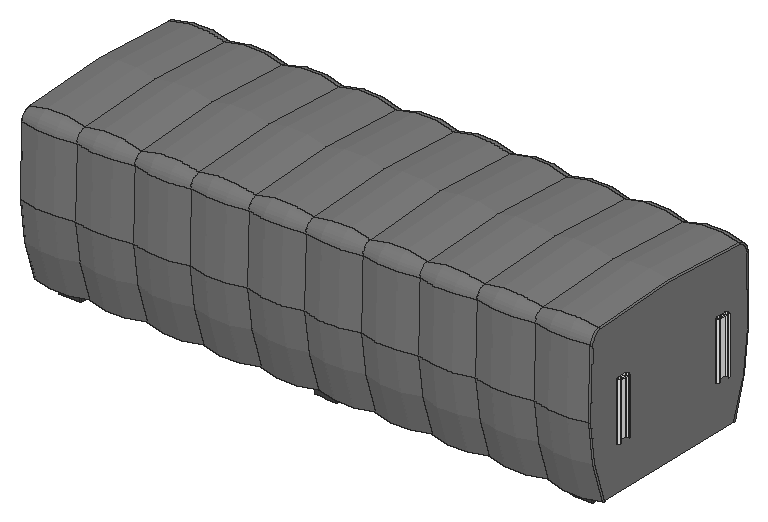
Revit family "Chair-Soft_Seating-Allermuir-Haven_Bench-HAB200M", category Furniture, Revit 2012
Parameters (values of type "HAB200M")
  ecoScorecard_data = "http://thesenatorgroup.ecoscorecard.com/product/HAB200M"
  ecoScorecard Product Page = "http://products.ecoscorecard.com/allermuir/HAB200M?action=html"
  Width = 0"
  Weight = 0.0 lbf
  Upholstered Seat = "No"
  Upholstered Back = "No"
  URL = "http://www.allermuir.net/Default.aspx"
  Subcategory = "Soft Seating"  # constant formula
  Stacks = no
  Specifications URL = ""
  Side Bracket = Metal - Allermuir - Chrome - Polished
  Seat or Top = Fabric - Allermuir - Silcoates
  Product Page URL = "http://www.allermuir.net/Products.aspx?RangeId=495"
  Product Line = "Haven Bench"  # constant formula
  Pricing URL = ""
  Plugin Data URL = "http://products.ecoscorecard.com/thesenatorgroup/HAB200M"
  Plastic Arms in Black = "No"
  Model = "HAB200M"  # constant formula
  Manufacturer Phone - Toll Free = "(888) 887 5806"  # constant formula
  Manufacturer Phone = "(419) 887 5806"  # constant formula
  Manufacturer Fax = "(419) 887 5805"  # constant formula
  Manufacturer Email = "mailto:contact@allermuir-na.com"
  Manufacturer Address = "1630 Holland Road, Maumee, Ohio 43537 "  # constant formula
  Manufacturer = "Allermuir"  # constant formula
  LEED Stats URL = ""
  Height = 0"
  Fabric Spec Sheets = "http://www.allermuir.net/Services/File.ashx?Type=B&Id=51"
  Description = ""
  Depth = 0"
  Color Availability = "See price list for material options"  # constant formula
  CAD Blocks URL = ""
  Brochure URL = ""
  Base = Plastic - Allermuir - Black
  Assembly Code = "E2020200"
  95 CSI = "12510"  # constant formula
  04 CSI = "12 51 00"  # constant formula
Reference planes
  plane 1 "Center Front/Back": y = 0
  plane 2: z = 0
  plane 3 "Center Left/Right": x = 0
  plane 4: z = 466.328
  plane 5: x = -760.699
  plane 6: x = 757.524
  plane 7: y = 278.492
  plane 8: y = -265.296
Dimensions and locks
  plane 4 to level = 18 23/64"  (x2)
  locked: plane 5 to plane 6 at 1518.222
  plane 7 to plane 8 = 21.40899"
  aligned and locked: plane 3 "Center Left/Right" to nested 1
  aligned and locked: plane 1 "Center Front/Back" to nested 1
  aligned and locked: plane 4 to nested 1
Nested families
  nested 1: "HAB200M" at (0, 0, 0), type "HAB200M"
Definition of nested family "HAB200M"
  Parameters (values of type "HAB200M")
    URL = "http://www.allermuir.net/Default.aspx"
    Stand = Plastic - Allermuir - Black
    Stacks = no
    Side Stand = Metal - Allermuir - Chrome - Polished
    Seat = Fabric - Allermuir - Silcoates
    Model = "HAB100"
    Manufacturer = "Allermuir"  # constant formula
    Description = ""
    Assembly Code = "E2020200"
  Reference planes
    plane 1 "Center Front/Back": y = 0
    plane 2: z = 0
    plane 3 "Center Left/Right": x = 0
    plane 4: y = 278.492
    plane 5: y = -265.296
    plane 6: z = 466.328
    plane 7: y = 174.511
    plane 8: y = -161.315
    plane 9: x = -747.478
    plane 10: x = -671.278
    plane 11: x = 747.478
    plane 12: x = 671.278
  Forms (mm)
    Sweep 1, solid, material "Fabric - Allermuir - Silcoates" <- "Seat"
      path origin (0, 0, -3.969) x (0, 1, 0) y (0, 0, 1)
        loop
          arc (230.619, 28.377) -> (262.694, 128.867) -> (276.965, 233.381) r 609.6
          arc (276.965, 233.381) -> (278.479, 325.472) -> (273.982, 417.465) r 1411.053
          arc (273.982, 417.465) -> (262.719, 442.368) -> (238.222, 454.489) r 40.603
          arc (238.222, 454.489) -> (7.264, 468.236) -> (-223.765, 455.728) r 2038.86
          arc (-223.765, 455.728) -> (-248.079, 443.981) -> (-259.64, 419.577) r 40.58
          arc (-259.64, 419.577) -> (-265.536, 328.435) -> (-264.387, 237.109) r 1183.48
          arc (-264.387, 237.109) -> (-249.725, 130.711) -> (-217.12, 28.377) r 627.008
      profile origin (0, 7.264, 464.267) x (0, -0.002682, -0.999996) y (1, 0, 0)
        loop
          arc (10.108, -745.462) -> (11.467, -747.415) -> (13.724, -748.165) r 3.77
          line (13.724, -748.165) -> (14.881, -748.165) -> (14.881, 751.457) -> (12.785, 751.457)
          arc (12.785, 751.457) -> (10.529, 750.699) -> (9.189, 748.733) r 3.735
          arc (9.189, 748.733) -> (-0.333, 674.997) -> (11.738, 601.636) r 255.942
          arc (11.738, 601.636) -> (-0.369, 525.083) -> (10.994, 448.417) r 255.942
          arc (10.994, 448.417) -> (-0.371, 373.433) -> (10.736, 298.411) r 255.942
          arc (10.736, 298.411) -> (-0.371, 223.387) -> (10.994, 148.403) r 255.942
          arc (10.994, 148.403) -> (-0.369, 74.256) -> (10.253, 0) r 255.942
          arc (10.253, 0) -> (-0.355, -75.93) -> (12.002, -151.596) r 255.942
          arc (12.002, -151.596) -> (-0.344, -226.43) -> (9.784, -301.596) r 255.942
          arc (9.784, -301.596) -> (-0.344, -376.765) -> (12.003, -451.601) r 255.942
          arc (12.003, -451.601) -> (-0.344, -526.433) -> (9.782, -601.598) r 255.942
          arc (9.782, -601.598) -> (-0.371, -673.554) -> (10.108, -745.462) r 255.942
    Extrusion 2, solid, material "Fabric - Allermuir - Silcoates" <- "Seat"
      sketch origin (0, 0, -3.969) x (0, 1, 0) y (0, 0, 1)
        loop
          line (-203.329, 33.969) -> (216.827, 33.969)
          arc (216.827, 33.969) -> (248.162, 132.073) -> (262.102, 234.112) r 594.719
          arc (262.102, 234.112) -> (263.6, 325.231) -> (259.15, 416.253) r 1396.171
          arc (259.15, 416.253) -> (252.015, 432.029) -> (236.497, 439.708) r 25.722
          arc (236.497, 439.708) -> (7.224, 453.355) -> (-222.118, 440.938) r 2023.978
          arc (-222.118, 440.938) -> (-237.517, 433.499) -> (-244.837, 418.044) r 25.699
          arc (-244.837, 418.044) -> (-250.66, 328.048) -> (-249.525, 237.871) r 1168.598
          arc (-249.525, 237.871) -> (-235.197, 133.933) -> (-203.329, 33.969) r 612.126
      from -748.165 to 751.457
    Extrusion 3, solid, material "Metal - Allermuir - Chrome - Polished" <- "Side Stand"
      sketch origin (6.251, 1.786, -3.969) x (1, 0, 0) y (0, 1, 0)
        loop
          arc (751.677, 189.731) -> (750.36, 189.981) -> (749.198, 189.313) r 1.93
          line (749.198, 189.313) -> (745.679, 185.09)
          arc (745.679, 185.09) -> (745.366, 184.543) -> (745.257, 183.923) r 1.823
          line (745.257, 183.923) -> (745.257, 157.23)
          arc (745.257, 157.23) -> (745.363, 156.622) -> (745.671, 156.086) r 1.786
          line (745.671, 156.086) -> (749.223, 151.823)
          arc (749.223, 151.823) -> (750.358, 151.171) -> (751.644, 151.415) r 1.885
          line (751.644, 151.415) -> (757.733, 155.082) -> (756.959, 156.367) -> (751.014, 152.787)
          arc (751.014, 152.787) -> (750.617, 152.712) -> (750.268, 152.913) r 0.581
          line (750.268, 152.913) -> (747.04, 156.786)
          arc (747.04, 156.786) -> (746.835, 157.143) -> (746.764, 157.548) r 1.191
          line (746.764, 157.548) -> (746.764, 183.605)
          arc (746.764, 183.605) -> (746.838, 184.023) -> (747.049, 184.391) r 1.228
          line (747.049, 184.391) -> (750.26, 188.244)
          arc (750.26, 188.244) -> (750.618, 188.45) -> (751.024, 188.373) r 0.595
          line (751.024, 188.373) -> (756.959, 184.799) -> (757.733, 186.084) -> (751.677, 189.731)
      from 156.239 to 306.239
    Extrusion 4, solid, material "Metal - Allermuir - Chrome - Polished" <- "Side Stand"
      sketch origin (6.251, 1.786, -3.969) x (1, 0, 0) y (0, 1, 0)
        loop
          line (746.764, 176.579) -> (746.764, 164.607) -> (755.757, 164.607) -> (755.757, 176.579) -> (746.764, 176.579)
      from 304.739 to 306.239
    Extrusion 5, solid, material "Metal - Allermuir - Chrome - Polished" <- "Side Stand"
      sketch origin (6.251, 16.867, -3.969) x (1, 0, 0) y (0, 1, 0)
        loop
          line (751.677, -189.731) -> (757.733, -186.084) -> (756.959, -184.799) -> (751.024, -188.373)
          arc (751.024, -188.373) -> (750.618, -188.45) -> (750.26, -188.244) r 0.595
          line (750.26, -188.244) -> (747.049, -184.391)
          arc (747.049, -184.391) -> (746.838, -184.023) -> (746.764, -183.605) r 1.228
          line (746.764, -183.605) -> (746.764, -157.548)
          arc (746.764, -157.548) -> (746.835, -157.143) -> (747.04, -156.786) r 1.191
          line (747.04, -156.786) -> (750.268, -152.913)
          arc (750.268, -152.913) -> (750.617, -152.712) -> (751.014, -152.787) r 0.581
          line (751.014, -152.787) -> (756.959, -156.367) -> (757.733, -155.082) -> (751.644, -151.415)
          arc (751.644, -151.415) -> (750.358, -151.171) -> (749.223, -151.823) r 1.885
          line (749.223, -151.823) -> (745.671, -156.086)
          arc (745.671, -156.086) -> (745.363, -156.622) -> (745.257, -157.23) r 1.786
          line (745.257, -157.23) -> (745.257, -183.923)
          arc (745.257, -183.923) -> (745.366, -184.543) -> (745.679, -185.09) r 1.823
          line (745.679, -185.09) -> (749.198, -189.313)
          arc (749.198, -189.313) -> (750.36, -189.981) -> (751.677, -189.731) r 1.93
      from 156.239 to 306.239
    Extrusion 6, solid, material "Metal - Allermuir - Chrome - Polished" <- "Side Stand"
      sketch origin (6.251, 16.867, -3.969) x (1, 0, 0) y (0, 1, 0)
        loop
          line (746.764, -176.579) -> (755.757, -176.579) -> (755.757, -164.607) -> (746.764, -164.607) -> (746.764, -176.579)
      from 304.739 to 306.239
    Extrusion 7, solid, material "Metal - Allermuir - Chrome - Polished" <- "Side Stand"
      sketch origin (-2.877, 1.885, -3.969) x (-1, 0, 0) y (0, -1, 0)
        loop
          line (751.677, -189.731) -> (757.733, -186.084) -> (756.959, -184.799) -> (751.024, -188.373)
          arc (751.024, -188.373) -> (750.618, -188.45) -> (750.26, -188.244) r 0.595
          line (750.26, -188.244) -> (747.049, -184.391)
          arc (747.049, -184.391) -> (746.838, -184.023) -> (746.764, -183.605) r 1.228
          line (746.764, -183.605) -> (746.764, -157.548)
          arc (746.764, -157.548) -> (746.835, -157.143) -> (747.04, -156.786) r 1.191
          line (747.04, -156.786) -> (750.268, -152.913)
          arc (750.268, -152.913) -> (750.617, -152.712) -> (751.014, -152.787) r 0.581
          line (751.014, -152.787) -> (756.959, -156.367) -> (757.733, -155.082) -> (751.644, -151.415)
          arc (751.644, -151.415) -> (750.358, -151.171) -> (749.223, -151.823) r 1.885
          line (749.223, -151.823) -> (745.671, -156.086)
          arc (745.671, -156.086) -> (745.363, -156.622) -> (745.257, -157.23) r 1.786
          line (745.257, -157.23) -> (745.257, -183.923)
          arc (745.257, -183.923) -> (745.366, -184.543) -> (745.679, -185.09) r 1.823
          line (745.679, -185.09) -> (749.198, -189.313)
          arc (749.198, -189.313) -> (750.36, -189.981) -> (751.677, -189.731) r 1.93
      from 156.239 to 306.239
    Extrusion 8, solid, material "Metal - Allermuir - Chrome - Polished" <- "Side Stand"
      sketch origin (-2.877, 1.885, -3.969) x (-1, 0, 0) y (0, -1, 0)
        loop
          line (746.764, -176.579) -> (755.757, -176.579) -> (755.757, -164.607) -> (746.764, -164.607) -> (746.764, -176.579)
      from 304.739 to 306.239
    Extrusion 9, solid, material "Metal - Allermuir - Chrome - Polished" <- "Side Stand"
      sketch origin (-2.877, 16.867, -3.969) x (-1, 0, 0) y (0, -1, 0)
        loop
          arc (751.677, 189.731) -> (750.36, 189.981) -> (749.198, 189.313) r 1.93
          line (749.198, 189.313) -> (745.679, 185.09)
          arc (745.679, 185.09) -> (745.366, 184.543) -> (745.257, 183.923) r 1.823
          line (745.257, 183.923) -> (745.257, 157.23)
          arc (745.257, 157.23) -> (745.363, 156.622) -> (745.671, 156.086) r 1.786
          line (745.671, 156.086) -> (749.223, 151.823)
          arc (749.223, 151.823) -> (750.358, 151.171) -> (751.644, 151.415) r 1.885
          line (751.644, 151.415) -> (757.733, 155.082) -> (756.959, 156.367) -> (751.014, 152.787)
          arc (751.014, 152.787) -> (750.617, 152.712) -> (750.268, 152.913) r 0.581
          line (750.268, 152.913) -> (747.04, 156.786)
          arc (747.04, 156.786) -> (746.835, 157.143) -> (746.764, 157.548) r 1.191
          line (746.764, 157.548) -> (746.764, 183.605)
          arc (746.764, 183.605) -> (746.838, 184.023) -> (747.049, 184.391) r 1.228
          line (747.049, 184.391) -> (750.26, 188.244)
          arc (750.26, 188.244) -> (750.618, 188.45) -> (751.024, 188.373) r 0.595
          line (751.024, 188.373) -> (756.959, 184.799) -> (757.733, 186.084) -> (751.677, 189.731)
      from 156.239 to 306.239
    Extrusion 10, solid, material "Metal - Allermuir - Chrome - Polished" <- "Side Stand"
      sketch origin (-2.877, 16.867, -3.969) x (-1, 0, 0) y (0, -1, 0)
        loop
          line (746.764, 176.579) -> (746.764, 164.607) -> (755.757, 164.607) -> (755.757, 176.579) -> (746.764, 176.579)
      from 304.739 to 306.239
  Cuts and joins
    joined: Sweep 1, Extrusion 2
  Lines and regions (mm)
    symbolic lines, style "Sofa"
      curve 1: line (-601.598, -256.155, 0) -> (-601.598, 268.855, 0)
      curve 2: line (-451.601, -253.933, 0) -> (-451.601, 266.633, 0)
      curve 3: line (-301.596, -256.153, 0) -> (-301.596, 268.853, 0)
      curve 4: line (-151.596, -253.935, 0) -> (-151.596, 266.635, 0)
      curve 5: line (0, 268.582, 0) -> (0, -255.882, 0)
      curve 6: line (148.403, -254.942, 0) -> (148.403, 267.642, 0)
      curve 7: line (298.411, -255.2, 0) -> (298.411, 267.9, 0)
      curve 8: line (448.417, -255.2, 0) -> (448.417, 267.9, 0)
      curve 9: line (601.636, -254.198, 0) -> (601.636, 266.898, 0)
      curve 10: line (751.465, 266.236, 0) -> (751.465, -253.536, 0)
      curve 11: line (-748.165, 265.493, 0) -> (-748.165, -252.793, 0)
      curve 12: arc (-746.086, -255.592, 0) -> (-673.883, -266.402, 0) -> (-601.598, -256.155, 0) r 253.114
      curve 13: arc (-601.598, -256.155, 0) -> (-526.438, -265.979, 0) -> (-451.601, -253.933, 0) r 262.681
      curve 14: arc (-451.601, -253.933, 0) -> (-376.764, -266.251, 0) -> (-301.596, -256.153, 0) r 256.58
      curve 15: arc (-301.596, -256.153, 0) -> (-226.427, -266.473, 0) -> (-151.596, -253.935, 0) r 251.827
      curve 16: arc (-151.596, -253.935, 0) -> (-75.944, -266.293, 0) -> (0, -255.882, 0) r 258.031
      curve 17: arc (0, -255.882, 0) -> (74.271, -266.484, 0) -> (148.403, -254.942, 0) r 254.18
      curve 18: arc (148.403, -254.942, 0) -> (223.388, -266.073, 0) -> (298.411, -255.2, 0) r 261.175
      curve 19: arc (298.411, -255.2, 0) -> (373.414, -266.209, 0) -> (448.417, -255.2, 0) r 261.008
      curve 20: arc (448.417, -255.2, 0) -> (525.102, -266.227, 0) -> (601.636, -254.198, 0) r 260.339
      curve 21: arc (601.636, -254.198, 0) -> (675.235, -266.377, 0) -> (749.186, -256.562, 0) r 252.996
      curve 22: arc (751.465, -253.536, 0) -> (750.831, -255.43, 0) -> (749.186, -256.562, 0) r 3.149
      curve 23: arc (-748.165, -252.793, 0) -> (-747.588, -254.536, 0) -> (-746.086, -255.592, 0) r 2.924
      curve 24: arc (-746.086, 268.292, 0) -> (-673.883, 279.102, 0) -> (-601.598, 268.855, 0) r 253.114
      curve 25: arc (-601.598, 268.855, 0) -> (-526.438, 278.679, 0) -> (-451.601, 266.633, 0) r 262.681
      curve 26: arc (-451.601, 266.633, 0) -> (-376.764, 278.951, 0) -> (-301.596, 268.853, 0) r 256.58
      curve 27: arc (-301.596, 268.853, 0) -> (-226.427, 279.173, 0) -> (-151.596, 266.635, 0) r 251.827
      curve 28: arc (-151.596, 266.635, 0) -> (-75.944, 278.993, 0) -> (0, 268.582, 0) r 258.031
      curve 29: arc (0, 268.582, 0) -> (74.271, 279.184, 0) -> (148.403, 267.642, 0) r 254.18
      curve 30: arc (148.403, 267.642, 0) -> (223.388, 278.773, 0) -> (298.411, 267.9, 0) r 261.175
      curve 31: arc (298.411, 267.9, 0) -> (373.414, 278.909, 0) -> (448.417, 267.9, 0) r 261.008
      curve 32: arc (448.417, 267.9, 0) -> (525.102, 278.927, 0) -> (601.636, 266.898, 0) r 260.339
      curve 33: arc (601.636, 266.898, 0) -> (675.235, 279.077, 0) -> (749.186, 269.262, 0) r 252.996
      curve 34: arc (751.465, 266.236, 0) -> (750.831, 268.13, 0) -> (749.186, 269.262, 0) r 3.149
      curve 35: arc (-748.165, 265.493, 0) -> (-747.588, 267.236, 0) -> (-746.086, 268.292, 0) r 2.924
    symbolic lines, style "Side Bracket"
      curve 36: line (-754.554, 191.616, 0) -> (-760.61, 187.969, 0)
      curve 37: line (-759.836, 186.684, 0) -> (-753.902, 190.258, 0)
      curve 38: line (-760.61, 187.969, 0) -> (-759.836, 186.684, 0)
      curve 39: line (-748.557, 186.975, 0) -> (-752.076, 191.198, 0)
      curve 40: line (-753.137, 190.129, 0) -> (-749.926, 186.276, 0)
      curve 41: arc (-752.076, 191.198, 0) -> (-753.238, 191.866, 0) -> (-754.554, 191.616, 0) r 1.93
      curve 42: arc (-753.902, 190.258, 0) -> (-753.496, 190.335, 0) -> (-753.137, 190.129, 0) r 0.595
      curve 43: arc (-748.165, 186.141, 0) -> (-748.307, 186.583, 0) -> (-748.557, 186.975, 0) r 1.823
      curve 44: arc (-749.926, 186.276, 0) -> (-749.715, 185.908, 0) -> (-749.642, 185.49, 0) r 1.228
      curve 45: line (-749.642, 185.49, 0) -> (-749.642, 159.433, 0)
      curve 46: line (-758.634, 166.492, 0) -> (-749.642, 166.492, 0)
      curve 47: line (-758.634, 178.464, 0) -> (-758.634, 166.492, 0)
      curve 48: line (-749.642, 178.464, 0) -> (-758.634, 178.464, 0)
      curve 49: line (-749.918, 158.671, 0) -> (-753.145, 154.798, 0)
      curve 50: arc (-749.642, 159.433, 0) -> (-749.713, 159.028, 0) -> (-749.918, 158.671, 0) r 1.191
      curve 51: line (-752.1, 153.709, 0) -> (-748.548, 157.972, 0)
      curve 52: arc (-748.548, 157.972, 0) -> (-748.304, 158.354, 0) -> (-748.165, 158.785, 0) r 1.786
      curve 53: arc (-754.521, 153.3, 0) -> (-753.235, 153.056, 0) -> (-752.1, 153.709, 0) r 1.885
      curve 54: arc (-753.145, 154.798, 0) -> (-753.495, 154.597, 0) -> (-753.891, 154.673, 0) r 0.581
      curve 55: line (-753.891, 154.673, 0) -> (-759.836, 158.252, 0)
      curve 56: line (-760.61, 156.968, 0) -> (-754.521, 153.3, 0)
      curve 57: line (-759.836, 158.252, 0) -> (-760.61, 156.968, 0)
      curve 58: line (-760.61, -169.217, 0) -> (-754.554, -172.864, 0)
      curve 59: line (-753.902, -171.506, 0) -> (-759.836, -167.932, 0)
      curve 60: line (-759.836, -167.932, 0) -> (-760.61, -169.217, 0)
      curve 61: arc (-754.554, -172.864, 0) -> (-753.238, -173.114, 0) -> (-752.076, -172.446, 0) r 1.93
      curve 62: arc (-753.137, -171.377, 0) -> (-753.496, -171.583, 0) -> (-753.902, -171.506, 0) r 0.595
      curve 63: line (-749.926, -167.524, 0) -> (-753.137, -171.377, 0)
      curve 64: line (-752.076, -172.446, 0) -> (-748.557, -168.223, 0)
      curve 65: arc (-748.557, -168.223, 0) -> (-748.307, -167.831, 0) -> (-748.165, -167.388, 0) r 1.823
      curve 66: arc (-749.642, -166.737, 0) -> (-749.715, -167.155, 0) -> (-749.926, -167.524, 0) r 1.228
      curve 67: line (-749.642, -140.681, 0) -> (-749.642, -166.737, 0)
      curve 68: line (-758.634, -159.712, 0) -> (-749.642, -159.712, 0)
      curve 69: line (-758.634, -147.74, 0) -> (-758.634, -159.712, 0)
      curve 70: line (-749.642, -147.74, 0) -> (-758.634, -147.74, 0)
      curve 71: arc (-748.165, -140.033, 0) -> (-748.304, -139.602, 0) -> (-748.548, -139.219, 0) r 1.786
      curve 72: line (-748.548, -139.219, 0) -> (-752.1, -134.956, 0)
      curve 73: line (-753.145, -136.046, 0) -> (-749.918, -139.919, 0)
      curve 74: arc (-749.918, -139.919, 0) -> (-749.713, -140.276, 0) -> (-749.642, -140.681, 0) r 1.191
      curve 75: arc (-752.1, -134.956, 0) -> (-753.235, -134.304, 0) -> (-754.521, -134.548, 0) r 1.885
      curve 76: arc (-753.891, -135.92, 0) -> (-753.495, -135.845, 0) -> (-753.145, -136.046, 0) r 0.581
      curve 77: line (-754.521, -134.548, 0) -> (-760.61, -138.215, 0)
      curve 78: line (-759.836, -139.5, 0) -> (-753.891, -135.92, 0)
      curve 79: line (-760.61, -138.215, 0) -> (-759.836, -139.5, 0)
      curve 80: line (763.21, 186.585, 0) -> (763.984, 187.87, 0)
      curve 81: line (763.984, 187.87, 0) -> (757.928, 191.517, 0)
      curve 82: line (757.275, 190.159, 0) -> (763.21, 186.585, 0)
      curve 83: arc (757.928, 191.517, 0) -> (756.611, 191.767, 0) -> (755.449, 191.099, 0) r 1.93
      curve 84: arc (756.511, 190.03, 0) -> (756.869, 190.236, 0) -> (757.275, 190.159, 0) r 0.595
      curve 85: line (755.449, 191.099, 0) -> (751.93, 186.876, 0)
      curve 86: line (753.3, 186.177, 0) -> (756.511, 190.03, 0)
      curve 87: arc (753.015, 185.391, 0) -> (753.088, 185.809, 0) -> (753.3, 186.177, 0) r 1.228
      curve 88: line (753.015, 159.334, 0) -> (753.015, 185.391, 0)
      curve 89: arc (751.93, 186.876, 0) -> (751.616, 186.329, 0) -> (751.507, 185.709, 0) r 1.823
      curve 90: arc (751.507, 159.016, 0) -> (751.614, 158.408, 0) -> (751.921, 157.872, 0) r 1.786
      curve 91: line (751.921, 157.872, 0) -> (755.474, 153.609, 0)
      curve 92: line (756.518, 154.699, 0) -> (753.291, 158.572, 0)
      curve 93: arc (753.291, 158.572, 0) -> (753.086, 158.929, 0) -> (753.015, 159.334, 0) r 1.191
      curve 94: arc (755.474, 153.609, 0) -> (756.609, 152.957, 0) -> (757.895, 153.201, 0) r 1.885
      curve 95: arc (757.265, 154.573, 0) -> (756.868, 154.498, 0) -> (756.518, 154.699, 0) r 0.581
      curve 96: line (763.21, 158.153, 0) -> (757.265, 154.573, 0)
      curve 97: line (757.895, 153.201, 0) -> (763.984, 156.868, 0)
      curve 98: line (763.984, 156.868, 0) -> (763.21, 158.153, 0)
      curve 99: line (753.015, 166.393, 0) -> (762.007, 166.393, 0)
      curve 100: line (762.007, 166.393, 0) -> (762.007, 178.365, 0)
      curve 101: line (762.007, 178.365, 0) -> (753.015, 178.365, 0)
      curve 102: line (751.93, -168.223, 0) -> (755.449, -172.446, 0)
      curve 103: arc (751.507, -167.055, 0) -> (751.616, -167.676, 0) -> (751.93, -168.223, 0) r 1.823
      curve 104: arc (753.3, -167.524, 0) -> (753.088, -167.155, 0) -> (753.015, -166.737, 0) r 1.228
      curve 105: line (756.511, -171.377, 0) -> (753.3, -167.524, 0)
      curve 106: line (753.015, -166.737, 0) -> (753.015, -140.681, 0)
      curve 107: arc (757.275, -171.506, 0) -> (756.869, -171.583, 0) -> (756.511, -171.377, 0) r 0.595
      curve 108: line (763.21, -167.932, 0) -> (757.275, -171.506, 0)
      curve 109: line (757.928, -172.864, 0) -> (763.984, -169.217, 0)
      curve 110: arc (755.449, -172.446, 0) -> (756.611, -173.114, 0) -> (757.928, -172.864, 0) r 1.93
      curve 111: line (763.984, -169.217, 0) -> (763.21, -167.932, 0)
      curve 112: line (762.007, -147.74, 0) -> (753.015, -147.74, 0)
      curve 113: line (762.007, -159.712, 0) -> (762.007, -147.74, 0)
      curve 114: line (753.015, -159.712, 0) -> (762.007, -159.712, 0)
      curve 115: line (753.291, -139.919, 0) -> (756.518, -136.046, 0)
      curve 116: arc (753.015, -140.681, 0) -> (753.086, -140.276, 0) -> (753.291, -139.919, 0) r 1.191
      curve 117: arc (751.921, -139.219, 0) -> (751.614, -139.755, 0) -> (751.507, -140.363, 0) r 1.786
      curve 118: line (755.474, -134.956, 0) -> (751.921, -139.219, 0)
      curve 119: arc (757.895, -134.548, 0) -> (756.609, -134.304, 0) -> (755.474, -134.956, 0) r 1.885
      curve 120: arc (756.518, -136.046, 0) -> (756.868, -135.845, 0) -> (757.265, -135.92, 0) r 0.581
      curve 121: line (757.265, -135.92, 0) -> (763.21, -139.5, 0)
      curve 122: line (763.984, -138.215, 0) -> (757.895, -134.548, 0)
      curve 123: line (763.21, -139.5, 0) -> (763.984, -138.215, 0)
  Dimensions and locks
    plane 4 to plane 5 = 21.40899"
    plane 6 to level = 18 23/64"
    locked: plane 4 to plane 7 at 103.981
    locked: plane 5 to plane 8 at 103.981
    locked: plane 9 to plane 10 at 76.2
    locked: plane 11 to plane 12 at 76.2
    locked: plane 10 to plane 12 at 1342.555
    equal spacing: plane 10, plane 3 "Center Left/Right", plane 12
    aligned and locked: Sweep 1 to Extrusion 2
  Automatic sketch dimensions
    level to Extrusion 2 sketch curve = 1.1811"
    plane 7 to Extrusion 2 sketch curve = 1.66598"
    Extrusion 3 sketch curve to plane 11 = 0.15865"
    Extrusion 3 sketch curve to Extrusion 3 sketch curve = 0.0163"
    Extrusion 3 sketch curve to Extrusion 3 sketch curve = 0.01664"
    Extrusion 3 sketch curve to plane 11 = 0.218"
    Extrusion 3 sketch curve to plane 11 = 0.22887"
    Extrusion 3 sketch curve to Extrusion 3 sketch curve = 0.01096"
    Extrusion 3 sketch curve to plane 11 = 0.22921"
    Extrusion 3 sketch curve to Extrusion 3 sketch curve = 0.01243"
    Extrusion 3 sketch curve to plane 11 = 0.26488"
    Extrusion 3 sketch curve to plane 11 = 0.26635"
    Extrusion 3 sketch curve to plane 11 = 0.31383"
    Extrusion 3 sketch curve to plane 11 = 0.31481"
    Extrusion 3 sketch curve to Extrusion 3 sketch curve = 0.0418"
    Extrusion 3 sketch curve to Extrusion 3 sketch curve = 0.04113"
    Extrusion 3 sketch curve to Extrusion 3 sketch curve = 0.01589"
    Extrusion 3 sketch curve to Extrusion 3 sketch curve = 0.01658"
    Extrusion 3 sketch curve to Extrusion 3 sketch curve = 0.00168"
    Extrusion 3 sketch curve to Extrusion 3 sketch curve = 0.00142"
    Extrusion 3 sketch curve to Extrusion 3 sketch curve = 0.01349"
    Extrusion 3 sketch curve to Extrusion 3 sketch curve = 0.01352"
    Extrusion 3 sketch curve to Extrusion 3 sketch curve = 0.0248"
    Extrusion 3 sketch curve to Extrusion 3 sketch curve = 0.02569"
    Extrusion 3 sketch curve to plane 7 = 0.83897"
    Extrusion 3 sketch curve to Extrusion 3 sketch curve = 0.01607"
    Extrusion 3 sketch curve to Extrusion 3 sketch curve = 0.00956"
    Extrusion 3 sketch curve to Extrusion 3 sketch curve = 0.00461"
    Extrusion 3 sketch curve to Extrusion 3 sketch curve = 0.09035"
    Extrusion 3 sketch curve to Extrusion 3 sketch curve = 0.16784"
    Extrusion 3 sketch curve to Extrusion 3 sketch curve = 0.05058"  (x2)
    Extrusion 3 sketch curve to Extrusion 3 sketch curve = 0.01747"
    plane 7 to Extrusion 3 sketch curve = 0.42833"
    Extrusion 3 sketch curve to Extrusion 3 sketch curve = 0.01252"
    Extrusion 3 sketch curve to Extrusion 3 sketch curve = 0.04703"
    Extrusion 3 sketch curve to Extrusion 3 sketch curve = 35/256"
    Extrusion 3 sketch curve to Extrusion 3 sketch curve = 0.00845"
    Extrusion 3 sketch curve to Extrusion 3 sketch curve = 0.00655"
    Extrusion 3 sketch curve to Extrusion 3 sketch curve = 0.04209"
    Extrusion 4 sketch curve to plane 11 = 0.218"
    Extrusion 4 sketch curve to plane 7 = 0.3196"
    plane 7 to Extrusion 4 sketch curve = 0.15173"
    plane 11 to Extrusion 5 sketch curve = 0.15865"
    Extrusion 5 sketch curve to Extrusion 5 sketch curve = 0.0163"
    Extrusion 5 sketch curve to Extrusion 5 sketch curve = 0.01664"
    plane 11 to Extrusion 5 sketch curve = 0.218"
    plane 11 to Extrusion 5 sketch curve = 0.22887"
    Extrusion 5 sketch curve to Extrusion 5 sketch curve = 0.01096"
    plane 11 to Extrusion 5 sketch curve = 0.22921"
    Extrusion 5 sketch curve to Extrusion 5 sketch curve = 0.01243"
    plane 11 to Extrusion 5 sketch curve = 0.26488"
    plane 11 to Extrusion 5 sketch curve = 0.26635"
    plane 11 to Extrusion 5 sketch curve = 0.31383"
    plane 11 to Extrusion 5 sketch curve = 0.31481"
    Extrusion 5 sketch curve to Extrusion 5 sketch curve = 0.0418"
    Extrusion 5 sketch curve to Extrusion 5 sketch curve = 0.04113"
    Extrusion 5 sketch curve to Extrusion 5 sketch curve = 0.01589"
    Extrusion 5 sketch curve to Extrusion 5 sketch curve = 0.01658"
    Extrusion 5 sketch curve to Extrusion 5 sketch curve = 0.00168"
    Extrusion 5 sketch curve to Extrusion 5 sketch curve = 0.00142"
    Extrusion 5 sketch curve to Extrusion 5 sketch curve = 0.01349"
    Extrusion 5 sketch curve to Extrusion 5 sketch curve = 0.01352"
    Extrusion 5 sketch curve to Extrusion 5 sketch curve = 0.0248"
    Extrusion 5 sketch curve to Extrusion 5 sketch curve = 0.02569"
    plane 8 to Extrusion 5 sketch curve = 1.05381"
    Extrusion 5 sketch curve to Extrusion 5 sketch curve = 0.01607"
    Extrusion 5 sketch curve to Extrusion 5 sketch curve = 0.00956"
    Extrusion 5 sketch curve to Extrusion 5 sketch curve = 0.00461"
    Extrusion 5 sketch curve to Extrusion 5 sketch curve = 0.09035"
    Extrusion 5 sketch curve to Extrusion 5 sketch curve = 0.16784"
    Extrusion 5 sketch curve to Extrusion 5 sketch curve = 0.05058"  (x2)
    Extrusion 5 sketch curve to Extrusion 5 sketch curve = 0.01747"
    Extrusion 5 sketch curve to plane 8 = 0.21348"
    Extrusion 5 sketch curve to Extrusion 5 sketch curve = 0.01252"
    Extrusion 5 sketch curve to plane 8 = 0.26052"
    Extrusion 5 sketch curve to Extrusion 5 sketch curve = 35/256"
    Extrusion 5 sketch curve to Extrusion 5 sketch curve = 0.00845"
    Extrusion 5 sketch curve to Extrusion 5 sketch curve = 0.00655"
    Extrusion 5 sketch curve to Extrusion 5 sketch curve = 0.04209"
    plane 8 to Extrusion 6 sketch curve = 0.06311"
    plane 11 to Extrusion 6 sketch curve = 0.218"
    plane 8 to Extrusion 6 sketch curve = 0.53444"
    Extrusion 7 sketch curve to plane 9 = 0.02584"
    Extrusion 7 sketch curve to Extrusion 7 sketch curve = 0.0163"
    Extrusion 7 sketch curve to Extrusion 7 sketch curve = 0.01664"
    Extrusion 7 sketch curve to plane 9 = 0.08519"
    Extrusion 7 sketch curve to plane 9 = 0.09606"
    Extrusion 7 sketch curve to Extrusion 7 sketch curve = 0.01096"
    Extrusion 7 sketch curve to plane 9 = 0.0964"
    Extrusion 7 sketch curve to Extrusion 7 sketch curve = 0.01243"
    Extrusion 7 sketch curve to plane 9 = 0.13207"
    Extrusion 7 sketch curve to plane 9 = 0.13354"
    Extrusion 7 sketch curve to plane 9 = 0.18102"
    Extrusion 7 sketch curve to plane 9 = 0.18199"
    Extrusion 7 sketch curve to Extrusion 7 sketch curve = 0.0418"
    Extrusion 7 sketch curve to Extrusion 7 sketch curve = 0.04113"
    Extrusion 7 sketch curve to Extrusion 7 sketch curve = 0.01589"
    Extrusion 7 sketch curve to Extrusion 7 sketch curve = 0.01658"
    Extrusion 7 sketch curve to Extrusion 7 sketch curve = 0.00168"
    Extrusion 7 sketch curve to Extrusion 7 sketch curve = 0.00142"
    Extrusion 7 sketch curve to Extrusion 7 sketch curve = 0.01349"
    Extrusion 7 sketch curve to Extrusion 7 sketch curve = 0.01352"
    Extrusion 7 sketch curve to Extrusion 7 sketch curve = 0.0248"
    Extrusion 7 sketch curve to Extrusion 7 sketch curve = 0.02569"
    Extrusion 7 sketch curve to Extrusion 7 sketch curve = 0.23405"
    Extrusion 7 sketch curve to Extrusion 7 sketch curve = 0.23364"
    Extrusion 7 sketch curve to Extrusion 7 sketch curve = 0.03048"  (x2)
    plane 7 to Extrusion 7 sketch curve = 0.67344"
    Extrusion 7 sketch curve to Extrusion 7 sketch curve = 0.01645"
    Extrusion 7 sketch curve to Extrusion 7 sketch curve = 0.01163"
    Extrusion 7 sketch curve to Extrusion 7 sketch curve = 0.00655"
    Extrusion 7 sketch curve to Extrusion 7 sketch curve = 0.14359"
    Extrusion 7 sketch curve to Extrusion 7 sketch curve = 0.16628"
    Extrusion 7 sketch curve to Extrusion 7 sketch curve = 0.05058"  (x2)
    Extrusion 7 sketch curve to Extrusion 7 sketch curve = 0.01843"
    Extrusion 7 sketch curve to plane 7 = 0.59361"
    Extrusion 7 sketch curve to Extrusion 7 sketch curve = 0.01254"
    Extrusion 7 sketch curve to Extrusion 7 sketch curve = 0.0465"
    Extrusion 7 sketch curve to Extrusion 7 sketch curve = 0.13783"
    Extrusion 7 sketch curve to Extrusion 7 sketch curve = 0.01004"
    Extrusion 7 sketch curve to Extrusion 7 sketch curve = 0.00461"
    Extrusion 7 sketch curve to Extrusion 7 sketch curve = 0.0429"
    Extrusion 8 sketch curve to plane 9 = 0.08519"
    Extrusion 8 sketch curve to plane 9 = 0.43922"
    plane 7 to Extrusion 8 sketch curve = 0.15564"
    Extrusion 8 sketch curve to plane 7 = 0.31569"
    Extrusion 9 sketch curve to plane 9 = 0.02584"
    Extrusion 9 sketch curve to Extrusion 9 sketch curve = 0.0163"
    Extrusion 9 sketch curve to Extrusion 9 sketch curve = 0.01664"
    Extrusion 9 sketch curve to plane 9 = 0.08519"
    Extrusion 9 sketch curve to plane 9 = 0.09606"
    Extrusion 9 sketch curve to Extrusion 9 sketch curve = 0.01096"
    Extrusion 9 sketch curve to plane 9 = 0.0964"
    Extrusion 9 sketch curve to Extrusion 9 sketch curve = 0.01243"
    Extrusion 9 sketch curve to plane 9 = 0.13207"
    Extrusion 9 sketch curve to plane 9 = 0.13354"
    Extrusion 9 sketch curve to plane 9 = 0.18102"
    Extrusion 9 sketch curve to plane 9 = 0.18199"
    Extrusion 9 sketch curve to Extrusion 9 sketch curve = 0.0418"
    Extrusion 9 sketch curve to Extrusion 9 sketch curve = 0.04113"
    Extrusion 9 sketch curve to Extrusion 9 sketch curve = 0.01589"
    Extrusion 9 sketch curve to Extrusion 9 sketch curve = 0.01658"
    Extrusion 9 sketch curve to Extrusion 9 sketch curve = 0.00168"
    Extrusion 9 sketch curve to Extrusion 9 sketch curve = 0.00142"
    Extrusion 9 sketch curve to Extrusion 9 sketch curve = 0.01349"
    Extrusion 9 sketch curve to Extrusion 9 sketch curve = 0.01352"
    Extrusion 9 sketch curve to Extrusion 9 sketch curve = 0.0248"
    Extrusion 9 sketch curve to Extrusion 9 sketch curve = 0.02569"
    Extrusion 9 sketch curve to Extrusion 9 sketch curve = 0.23405"
    Extrusion 9 sketch curve to Extrusion 9 sketch curve = 0.23364"
    Extrusion 9 sketch curve to Extrusion 9 sketch curve = 0.03048"  (x2)
    Extrusion 9 sketch curve to plane 8 = 1.05381"
    Extrusion 9 sketch curve to Extrusion 9 sketch curve = 0.01607"
    Extrusion 9 sketch curve to Extrusion 9 sketch curve = 0.00956"
    Extrusion 9 sketch curve to Extrusion 9 sketch curve = 0.00461"
    Extrusion 9 sketch curve to Extrusion 9 sketch curve = 0.09035"
    Extrusion 9 sketch curve to Extrusion 9 sketch curve = 0.16784"
    Extrusion 9 sketch curve to Extrusion 9 sketch curve = 0.05058"  (x2)
    Extrusion 9 sketch curve to Extrusion 9 sketch curve = 0.01747"
    plane 8 to Extrusion 9 sketch curve = 0.21348"
    Extrusion 9 sketch curve to Extrusion 9 sketch curve = 0.01252"
    plane 8 to Extrusion 9 sketch curve = 0.26052"
    Extrusion 9 sketch curve to Extrusion 9 sketch curve = 35/256"
    Extrusion 9 sketch curve to Extrusion 9 sketch curve = 0.00845"
    Extrusion 9 sketch curve to Extrusion 9 sketch curve = 0.00655"
    Extrusion 9 sketch curve to Extrusion 9 sketch curve = 0.04209"
    Extrusion 10 sketch curve to plane 8 = 0.06311"
    Extrusion 10 sketch curve to plane 9 = 0.08519"
    Extrusion 10 sketch curve to plane 9 = 0.43922"
    Extrusion 10 sketch curve to plane 8 = 0.53444"
    Extrusion 3 sketch curve to Extrusion 3 sketch curve = 0.23405"
    Extrusion 3 sketch curve to Extrusion 3 sketch curve = 0.23364"
    Extrusion 3 sketch curve to Extrusion 3 sketch curve = 0.03048"  (x2)
    Extrusion 4 sketch curve to plane 11 = 0.57204"
    Extrusion 5 sketch curve to Extrusion 5 sketch curve = 0.23405"
    Extrusion 5 sketch curve to Extrusion 5 sketch curve = 0.23364"
    Extrusion 5 sketch curve to Extrusion 5 sketch curve = 0.03048"  (x2)
    plane 11 to Extrusion 6 sketch curve = 0.57204"
    Sweep 1 sketch curve to profile plane = 0"
    Sweep 1 sketch curve to Sweep 1 sketch curve = 0"  (x15)
    Sweep 1 sketch curve to profile plane = 0.38511"
    Sweep 1 sketch curve to profile plane = 0.3852"
    Sweep 1 sketch curve to profile plane = 0.39796"
    Sweep 1 sketch curve to profile plane = 0.40366"
    Sweep 1 sketch curve to profile plane = 0.42268"
    Sweep 1 sketch curve to profile plane = 0.46213"
    Sweep 1 sketch curve to profile plane = 0.43283"
    Sweep 1 sketch curve to profile plane = 0.43285"
    Sweep 1 sketch curve to profile plane = 0.47252"
    Sweep 1 sketch curve to profile plane = 0.47257"
    Sweep 1 sketch curve to Sweep 1 sketch curve = 0.14157"
    Sweep 1 sketch curve to Sweep 1 sketch curve = 0.14236"
    Sweep 1 sketch curve to Sweep 1 sketch curve = 0.04556"
    Sweep 1 sketch curve to profile plane = 10.06183"  (x3)
    Sweep 1 sketch curve to profile plane = 2.87313"
    profile plane to Sweep 1 sketch curve = 2.87313"
    Sweep 1 sketch curve to Sweep 1 sketch curve = 6.19041"
    Sweep 1 sketch curve to Sweep 1 sketch curve = 5.62067"
    Sweep 1 sketch curve to Sweep 1 sketch curve = 6.19073"
    Sweep 1 sketch curve to Sweep 1 sketch curve = 5.62008"
    Sweep 1 sketch curve to Sweep 1 sketch curve = 5.939"
    Sweep 1 sketch curve to Sweep 1 sketch curve = 5.87264"
    Sweep 1 sketch curve to Sweep 1 sketch curve = 5.93885"
    Sweep 1 sketch curve to Sweep 1 sketch curve = 6.12565"
    Sweep 1 sketch curve to Sweep 1 sketch curve = 0.2241"
    Extrusion 2 sketch curve to Extrusion 2 sketch curve = 0"  (x6)
    Extrusion 2 sketch curve to plane 5 = 2.43965"
    plane 4 to Extrusion 2 sketch curve = 3.27982"
    plane 5 to Extrusion 2 sketch curve = 2.62223"
    Extrusion 2 sketch curve to plane 6 = 6.60184"
    Extrusion 2 sketch curve to plane 4 = 0.6453"
    Extrusion 2 sketch curve to plane 4 = 1.7708"
    Extrusion 2 sketch curve to plane 4 = 0.7615"
    Extrusion 2 sketch curve to plane 1 "Center Front/Back" = 0.07067"
    Extrusion 2 sketch curve to Extrusion 2 sketch curve = 0.11743"
    Extrusion 2 sketch curve to plane 5 = 0.80546"
    Extrusion 2 sketch curve to plane 5 = 0.62092"
    Extrusion 2 sketch curve to Extrusion 2 sketch curve = 0.89446"
    Extrusion 2 sketch curve to Extrusion 2 sketch curve = 1.00639"
    Extrusion 2 sketch curve to Extrusion 2 sketch curve = 21.87967"
    Sweep 1 sketch curve to plane 6 = 6.60184"
    plane 5 to Sweep 1 sketch curve = 34.13749"
    plane 5 to Sweep 1 sketch curve = 2.62223"
    Sweep 1 sketch curve to plane 5 = 0.03581"
    Sweep 1 sketch curve to plane 5 = 0.2227"
    Sweep 1 sketch curve to plane 6 = 0.57357"
    Sweep 1 sketch curve to plane 5 = 1.6351"
    Sweep 1 sketch curve to Sweep 1 sketch curve = 1.58916"
    Sweep 1 sketch curve to plane 1 "Center Front/Back" = 0.07067"
    Sweep 1 sketch curve to plane 4 = 1.88479"
    Sweep 1 sketch curve to plane 4 = 1.7708"
    Sweep 1 sketch curve to Sweep 1 sketch curve = 0.18537"
    Sweep 1 sketch curve to plane 4 = 0.17756"
    Sweep 1 sketch curve to plane 4 = 0.06013"
    plane 4 to Sweep 1 sketch curve = 3.27982"
    level to Sweep 1 sketch curve = 123/128"
    Sweep 1 sketch curve to Sweep 1 sketch curve = 1.86088"
    curve 28 to plane 3 "Center Left/Right" = 0"
    curve 28 to plane 1 "Center Front/Back" = 0.82613"
    curve 28 to plane 3 "Center Left/Right" = 2.85945"
    plane 1 "Center Front/Back" to curve 16 = 0.32613"
    curve 16 to curve 28 = 0"
    curve 15 to plane 5 = 0.44731"
    curve 15 to plane 3 "Center Left/Right" = 5.96833"
    plane 1 "Center Front/Back" to curve 15 = 0.5777"
    curve 15 to curve 16 = 6.20158"
    curve 27 to plane 1 "Center Front/Back" = 1.0777"
    curve 27 to curve 15 = 0"
    curve 26 to plane 4 = 0.37952"
    curve 26 to curve 27 = 5.90554"
    plane 1 "Center Front/Back" to curve 14 = 0.38187"
    curve 14 to curve 15 = 5.62279"
    curve 26 to curve 14 = 0"
    curve 26 to plane 4 = 0.46689"
    curve 26 to curve 27 = 5.9057"
    curve 25 to plane 1 "Center Front/Back" = 0.63099"
    plane 10 to curve 25 = 5.54922"
    plane 1 "Center Front/Back" to curve 13 = 0.13099"
    curve 13 to curve 25 = 0"
    curve 25 to plane 4 = 0.37943"
    curve 24 to plane 10 = 0.06378"
    curve 12 to plane 10 = 0.06378"
    plane 9 to curve 35 = 0.08809"
    plane 9 to curve 23 = 0.08809"
    plane 9 to curve 35 = 0.0548"
    curve 24 to curve 35 = 0"
    plane 9 to curve 23 = 0.0548"
    curve 12 to curve 23 = 0"
    curve 11 to curve 23 = 0.11514"
    curve 51 to curve 52 = 0.01509"
    curve 71 to curve 71 = 0.01509"
    curve 64 to curve 65 = 0.01543"
    curve 39 to curve 43 = 0.01543"
    curve 70 to plane 9 = 0.08519"
    curve 44 to curve 43 = 0.05815"
    curve 49 to curve 45 = 0.01086"
    curve 73 to curve 67 = 0.01086"
    curve 52 to curve 45 = 0.01096"
    curve 71 to curve 67 = 0.01096"
    curve 63 to curve 66 = 0.01121"
    curve 44 to curve 44 = 0.01121"
    curve 65 to curve 66 = 0.01243"
    curve 43 to curve 44 = 0.01243"
    curve 50 to curve 52 = 0.03592"
    curve 66 to curve 65 = 0.03592"
    curve 44 to curve 43 = 0.03592"
    curve 61 to plane 9 = 0.18102"
    curve 39 to plane 9 = 0.18102"
    curve 51 to plane 9 = 0.18199"
    curve 72 to plane 9 = 0.18199"
    curve 62 to curve 61 = 0.0418"
    curve 42 to curve 39 = 0.0418"
    curve 54 to curve 51 = 0.04113"
    curve 73 to curve 72 = 0.04113"
    curve 53 to curve 49 = 0.01589"
    curve 41 to curve 40 = 0.01658"
    curve 61 to curve 62 = 0.01658"
    curve 54 to curve 53 = 0.00168"
    curve 62 to curve 61 = 0.00142"
    curve 42 to curve 41 = 0.00142"
    curve 55 to curve 53 = 0.01349"
    curve 59 to curve 61 = 0.01352"
    curve 37 to curve 41 = 0.01352"
    curve 56 to curve 55 = 0.0248"
    curve 58 to curve 62 = 0.02569"
    curve 41 to curve 37 = 0.02569"
    plane 7 to curve 47 = 0.15564"
    curve 47 to curve 48 = 0.35403"
    curve 69 to plane 8 = 0.06311"
    curve 69 to curve 68 = 0.35403"
    curve 55 to curve 55 = 0.23405"
    curve 60 to curve 59 = 0.23364"
    curve 38 to curve 37 = 0.23364"
    curve 36 to curve 37 = 0.03048"
    curve 58 to curve 59 = 0.03048"
    curve 56 to curve 55 = 0.03048"
    curve 29 to plane 1 "Center Front/Back" = 0.98461"
    plane 3 "Center Left/Right" to curve 29 = 2.86072"
    plane 1 "Center Front/Back" to curve 17 = 0.48461"
    curve 17 to curve 29 = 0"
    curve 30 to plane 4 = 0.42717"
    curve 30 to plane 1 "Center Front/Back" = 0.69283"
    curve 29 to curve 30 = 5.95178"
    plane 1 "Center Front/Back" to curve 18 = 0.19283"
    curve 18 to curve 30 = 0"
    curve 19 to plane 5 = 0.39747"
    curve 31 to plane 1 "Center Front/Back" = 0.70478"
    curve 30 to curve 31 = 5.88882"
    plane 1 "Center Front/Back" to curve 19 = 0.20478"
    curve 19 to curve 31 = 0"
    curve 20 to plane 5 = 0.39747"
    plane 1 "Center Front/Back" to curve 20 = 0.23202"
    plane 12 to curve 20 = 5.82199"
    curve 32 to curve 20 = 0"
    curve 32 to plane 4 = 0.45645"
    curve 8 to curve 32 = 6.03225"
    curve 21 to plane 12 = 0.31533"
    curve 33 to plane 12 = 0.31533"
    curve 34 to plane 11 = 0.033"
    curve 22 to plane 11 = 0.033"
    curve 34 to plane 11 = 0.06725"
    curve 22 to curve 21 = 0.03425"
    curve 33 to curve 34 = 0"
    curve 22 to curve 21 = 0"
    curve 22 to curve 10 = 0.12396"
    plane 8 to curve 58 = 0.45469"
    curve 58 to curve 61 = 0.01645"
    curve 62 to curve 61 = 0.01163"
    curve 63 to curve 61 = 0.00655"
    curve 58 to curve 60 = 0.14359"
    curve 61 to curve 64 = 0.16628"
    curve 58 to curve 59 = 0.05058"
    curve 64 to curve 66 = 0.02752"
    curve 64 to curve 65 = 0.03284"
    curve 68 to curve 69 = 0.47133"
    curve 70 to curve 67 = 0.27792"
    curve 67 to curve 71 = 0.01254"
    curve 67 to curve 71 = 0.02551"
    curve 71 to curve 73 = 0.01747"
    curve 73 to curve 73 = 0.15247"
    curve 73 to curve 72 = 0.0429"
    curve 56 to plane 7 = 0.83506"
    curve 53 to curve 51 = 0.01607"
    curve 54 to curve 53 = 0.00956"
    curve 54 to curve 53 = 0.00461"
    curve 55 to curve 56 = 0.09035"
    curve 51 to curve 52 = 0.16784"
    curve 56 to curve 57 = 0.05058"
    curve 51 to curve 50 = 0.02754"
    curve 51 to curve 52 = 0.03204"
    curve 46 to plane 7 = 0.31569"
    curve 48 to curve 45 = 0.2766"
    curve 44 to curve 43 = 0.01252"
    curve 44 to curve 43 = 0.02563"
    curve 47 to curve 38 = 0.32363"
    curve 37 to curve 38 = 0.05058"
    curve 40 to curve 42 = 35/256"
    curve 42 to curve 41 = 0.00845"
    curve 41 to curve 42 = 0.00655"
    curve 42 to curve 41 = 0.04209"
    curve 75 to curve 73 = 0.05418"
    curve 75 to curve 73 = 0.01589"
    curve 75 to curve 73 = 0.00461"
    curve 76 to curve 75 = 0.01349"
    curve 76 to curve 75 = 0.00168"
    curve 76 to curve 75 = 0.01004"
    curve 77 to curve 76 = 0.26453"
    curve 77 to curve 76 = 0.09035"
    curve 77 to curve 78 = 0.03048"
    curve 78 to curve 77 = 0.05058"
    curve 81 to plane 11 = 0.41141"
    curve 81 to curve 80 = 0.20795"
    curve 80 to curve 81 = 0.03048"
    plane 7 to curve 80 = 0.47536"
    curve 80 to curve 81 = 0.05058"
    curve 81 to curve 81 = 0.14359"
    curve 82 to curve 81 = 0.02569"
    curve 82 to curve 81 = 0.05347"
    curve 83 to curve 82 = 0.07189"
    curve 83 to curve 82 = 0.01352"
    curve 83 to curve 82 = 0.01163"
    curve 84 to curve 83 = 0.01658"
    curve 83 to curve 84 = 0.00142"
    curve 84 to curve 83 = 0.00845"
    curve 85 to plane 11 = 0.17529"
    curve 85 to curve 83 = 0.16628"
    curve 85 to curve 86 = 0.05392"
    curve 86 to curve 85 = 0.02752"
    curve 87 to curve 87 = 0.01121"
    curve 86 to curve 87 = 0.03714"
    curve 88 to plane 7 = 0.59751"
    curve 89 to curve 85 = 0.01664"
    curve 87 to curve 89 = 0.01243"
    curve 90 to curve 88 = 0.05935"
    curve 90 to curve 91 = 0.0163"
    curve 88 to curve 90 = 0.01096"
    curve 90 to curve 91 = 0.13986"
    curve 91 to curve 88 = 0.22539"
    curve 90 to curve 88 = 0.05755"
    curve 93 to curve 90 = 0.00009"
    curve 90 to curve 93 = 0.03592"
    curve 91 to curve 92 = 0.04113"
    curve 91 to curve 92 = 0.0429"
    curve 92 to curve 94 = 0.01589"
    curve 94 to curve 94 = 0.03829"
    curve 94 to curve 92 = 0.05897"
    curve 94 to curve 95 = 0.00168"
    curve 94 to curve 95 = 0.01349"
    curve 95 to curve 94 = 0.00956"
    curve 96 to curve 96 = 0.23405"
    curve 96 to curve 96 = 0.14093"
    curve 96 to curve 97 = 0.03048"
    curve 97 to curve 96 = 0.05058"
    curve 99 to curve 96 = 0.04733"
    curve 99 to plane 7 = 0.3196"
    plane 7 to curve 100 = 0.15173"
    curve 103 to plane 11 = 0.15865"
    curve 103 to curve 103 = 0.01664"
    curve 102 to curve 103 = 0.05515"
    curve 102 to curve 102 = 0.13855"
    plane 8 to curve 102 = 0.43824"
    curve 102 to curve 103 = 0.16628"
    curve 104 to curve 103 = 0.01243"
    curve 105 to curve 103 = 0.00123"
    curve 103 to curve 104 = 0.03592"
    curve 102 to curve 105 = 0.0418"
    curve 102 to curve 105 = 0.04209"
    curve 104 to curve 103 = 0.01843"
    curve 106 to plane 8 = 0.81236"
    curve 107 to curve 107 = 0.01801"
    curve 107 to curve 107 = 0.01209"
    curve 107 to curve 107 = 0.00507"
    plane 8 to curve 108 = 0.26052"
    curve 108 to curve 108 = 0.23364"
    curve 110 to curve 107 = 0.00142"
    curve 108 to curve 109 = 0.02569"
    plane 8 to curve 109 = 0.3111"
    curve 108 to curve 109 = 0.03048"
    curve 110 to curve 108 = 0.05347"
    curve 112 to curve 112 = 0.35403"
    curve 112 to curve 106 = 0.27792"
    curve 113 to plane 8 = 0.06311"
    curve 106 to curve 115 = 0.01086"
    curve 106 to curve 116 = 3/64"
    curve 115 to curve 115 = 0.12706"
    curve 115 to curve 115 = 0.15247"
    curve 117 to curve 106 = 0.05935"
    curve 117 to curve 117 = 0.0163"
    curve 106 to curve 117 = 0.01096"
    curve 118 to curve 115 = 0.04113"
    curve 106 to curve 117 = 0.01254"
    curve 115 to curve 118 = 0.0429"
    curve 115 to curve 119 = 0.01589"
    curve 119 to curve 119 = 0.03829"
    curve 119 to curve 115 = 0.00461"
    curve 119 to curve 120 = 0.00168"
    curve 119 to curve 120 = 0.01349"
    curve 120 to curve 119 = 0.01004"
    curve 120 to curve 121 = 0.23405"
    curve 121 to curve 120 = 0.14093"
    curve 121 to curve 122 = 0.03048"
    curve 121 to curve 122 = 0.05058"
  Nested families
    nested 1: "Leg" at (-671.389, 176.892, 0), type "PSM102"
    nested 2: "Leg" at (1.587, 176.099, 0), type "PSM102"
    nested 3: "Leg" at (-670.924, -157.346, 0), type "PSM102"
    nested 4: "Leg" at (674.744, 176.099, 0), type "PSM102"
    nested 5: "Leg" at (2.381, -157.346, 0), type "PSM102"
    nested 6: "Leg" at (674.303, -156.552, 0), type "PSM102"
  Definition of nested family "Leg"
    Parameters (values of type "PSM102")
      URL = ""
      Stand = Plastic - Allermuir - Black
      Stacks = no
      Model = ""
      Manufacturer = ""
      Description = ""
      Assembly Code = "E2020200"
    Reference planes
      plane 1 "Center Front/Back": y = 0
      plane 2: z = 0
      plane 3 "Center Left/Right": x = 0
      plane 4: z = 30
      plane 5: through (42.717, 1524.892, 1219.2) normal (1, -0.0075, 0)
      plane 6: through (-1525.181, 42.166, 1219.2) normal (0.0075, 1, 0)
      plane 7: through (-19.17, 1524.892, 1219.2) normal (1, -0.0075, 0)
      plane 8: through (-1525.181, -19.721, 1219.2) normal (0.0075, 1, 0)
    Forms (mm)
      Blend 1, solid, material "Plastic - Allermuir - Black" <- "Stand"
        base sketch origin (0, 0, 0) x (1, 0, 0) y (0, 1, 0)
          loop
            arc (-26.682, 29.891) -> (-28.652, 29.092) -> (-29.481, 27.133) r 2.778
            line (-29.481, 27.133) -> (-29.891, -27.235)
            arc (-29.891, -27.235) -> (-29.092, -29.205) -> (-27.133, -30.034) r 2.778
            line (-27.133, -30.034) -> (27.235, -30.444)
            arc (27.235, -30.444) -> (29.205, -29.645) -> (30.034, -27.687) r 2.778
            line (30.034, -27.687) -> (30.444, 26.682)
            arc (30.444, 26.682) -> (29.645, 28.652) -> (27.687, 29.481) r 2.778
            line (27.687, 29.481) -> (-26.682, 29.891)
        top sketch origin (0, 0, 0) x (1, 0, 0) y (0, 1, 0)
          loop
            arc (31.431, 27.654) -> (30.632, 29.625) -> (28.674, 30.453) r 2.778
            line (28.674, 30.453) -> (-27.654, 30.878)
            arc (-27.654, 30.878) -> (-29.625, 30.079) -> (-30.453, 28.121) r 2.778
            line (-30.453, 28.121) -> (-30.878, -28.207)
            arc (-30.878, -28.207) -> (-30.079, -30.178) -> (-28.121, -31.006) r 2.778
            line (-28.121, -31.006) -> (28.207, -31.431)
            arc (28.207, -31.431) -> (30.178, -30.632) -> (31.006, -28.674) r 2.778
            line (31.006, -28.674) -> (31.431, 27.654)
        from 0 to 30
    Dimensions and locks
      locked: plane 7 to plane 5 at 61.886
      locked: plane 6 to plane 8 at 61.886
      locked: plane 4 to level at 30
